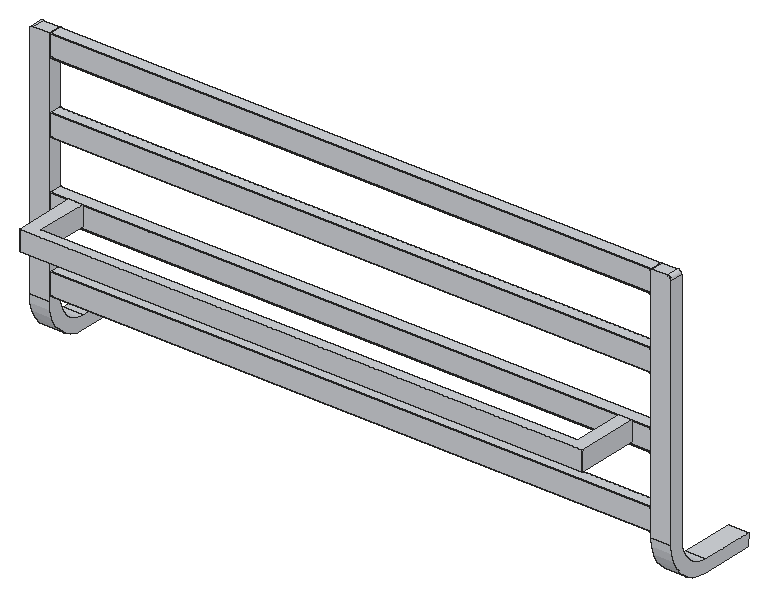
Revit family "Accessory-Towel_Bar-KOHLER-LOURE-K-11745T_1", category Specialty Equipment, host Face, Revit 2017
Family settings
  Host = Face
  Round Connector Dimension = Use Diameter
  Part Type = Normal
  OmniClass Number = 23.31.25.25
  OmniClass Title = Towel Bars
  Cut with Voids When Loaded = No
  Shared = No
  Room Calculation Point = No
Parameters (values of type "CP-Polished Chrome")
  Width = 24 1/64"  # constant formula
  WaterSense Certified = 1 = 0  # no
  URL = "http://www.kohler.com.cn/"
  Type = 1
  Product Page URL = "https://www.kohler.com.cn/product/K-11745T-CP/K-11745T-CP/"
  Product Name = "Loure"  # constant formula
  Product Documentation Link = "https://files.kohler.com.cn/pdfs/k_11745t_47t_11582t_84t.pdf"
  Model = if(Type = 1, "K-11745T-CP", if(Type = 2, "K-11745T-2BL", "NA"))  # "K-11745T-CP"
  Material = "Premium Metal Construction"  # constant formula
  Master Format 2014 Name = "Toilet, Bath, and Laundry Accessories"  # constant formula
  Master Format 2014 = "10 28 00"  # constant formula
  Manufacturer Address = "Kohler Beijing Office (100016) 36-2-03-B, No. 88, Liuxiang Road, Beijing"  # constant formula
  Manufacturer = "KOHLER Co."  # constant formula
  Length = 10 63/64"  # constant formula
  Height = 6 27/256"  # constant formula
  Finish = Kohler-Metal-CP-Polished_Chrome
  Environmental Product Declaration = ""
  Description = "24 inch double towel shelf"  # constant formula
  Default Elevation = 42"
  Declare Label = ""
  Date Modified = "05/27/2021"  # constant formula
  Date Created = "05/27/2021"  # constant formula
  Copyright = "Copyright KOHLER Co."  # constant formula
  Contact Us = "http://www.kohler.com.cn/contact/contact-us/"
  Assembly Code = "C1030200"
  ADA Compliant = 1 = 0  # no
Types (3): name | Type | Product Page URL | Model | Finish
  (no name) | 1 | "https://www.kohler.com.cn/product/K-11745T-CP/K-11745T-CP/" | "K-11745T-CP" | Kohler-Metal-CP-Polished_Chrome
  CP-Polished Chrome | 1 | "https://www.kohler.com.cn/product/K-11745T-CP/K-11745T-CP/" | "K-11745T-CP" | Kohler-Metal-CP-Polished_Chrome
  2BL-Original Black | 2 | "https://www.kohler.com.cn/product/K-11745T-CP/K-11745T-2BL/" | "K-11745T-2BL" | Kohler-Metal-2BL-Original_Black
Reference planes (in)
  plane 1 "Center (Front/Back)": y = 0
  plane 2: z = 0
  plane 3 "Center (Left/Right)": x = 0
  plane 4: y = 1.87008
  plane 5: y = -1.86676
  plane 6: x = -12.38189
  plane 7: x = -12.00787
  plane 8: x = -11.63386
  plane 9: x = 12.38189
  plane 10: x = 12.00775
  plane 11: x = 11.63386
  plane 12: z = 0.50689
  plane 13: z = 10.98437
  plane 14: y = -1.37795
  plane 15: x = -10.88681
  plane 16: y = -4.23539
  plane 17: x = 10.88681
Dimensions and locks (in)
  "Width": plane 7 to plane 10
  "Length": plane 13 to plane 2
  plane 5 to plane 16 = 2.36863"
  plane 15 to plane 17 = 21.77362"
  "Height": plane 16 to plane 4
  aligned and locked: host face to plane 2
  aligned and locked: host face to level
Automatic sketch dimensions
  host sketch curve to host sketch curve = 96"  (x2)
Nested families (in)
  nested 1: "K-11745T" at (0, -1.87008, 0), type "K-11745T"
Definition of nested family "K-11745T"
  Parameters (values of type "K-11745T")
    Material = none
  Reference planes (in)
    plane 1 "Center (Front/Back)": y = 0
    plane 2: z = 0
    plane 3 "Center (Left/Right)": x = 0
    plane 4: z = 10.98425
    plane 5: z = 0.50689
    plane 6: y = 3.74016
    plane 7: x = -12.38189
    plane 8: x = 12.38189
    plane 9: x = -12.00787
    plane 10: x = 12.00787
    plane 11: x = -11.63386
    plane 12: x = 11.63386
    plane 13: y = 0.49213
    plane 14: y = 1.87008
    plane 15: x = -10.88681
    plane 16: x = 10.88681
    plane 17: y = -2.36676
  Forms (in)
    Extrusion 1, solid, material <- "Material", detail levels medium+fine
      sketch origin (0, 0, 0) x (0, 1, 0) y (0, 0, 1)
        loop
          line (3.74016, 0) -> (3.74016, 0.50689) -> (1.67827, 0.50689)
          arc (1.67827, 0.50689) -> (0.8465, 0.85142) -> (0.50197, 1.6832) r 1.17631
          line (0.50197, 1.6832) -> (0.50197, 11.01181) -> (0, 11.01181) -> (0, 1.68845)
          arc (0, 1.68845) -> (0.49454, 0.49454) -> (1.68845, 0) r 1.68845
          line (1.68845, 0) -> (3.74016, 0)
      from 11.645 to 12.41272
    Extrusion 2, solid, material <- "Material", detail levels medium+fine
      sketch origin (0, 0, 0) x (0, 1, 0) y (0, 0, -1)
        loop
          line (3.74016, 0) -> (1.68845, 0)
          arc (1.68845, 0) -> (0.49454, -0.49454) -> (0, -1.68845) r 1.68845
          line (0, -1.68845) -> (0, -11.01181) -> (0.49213, -11.01181) -> (0.49213, -1.6832)
          arc (0.49213, -1.6832) -> (0.83666, -0.85142) -> (1.66843, -0.50689) r 1.17631
          line (1.66843, -0.50689) -> (3.74016, -0.50689) -> (3.74016, 0)
      from 11.645 to 12.41272
    Extrusion 3, solid, material <- "Material", detail levels medium+fine
      sketch origin (0, 0, 0) x (0, 1, 0) y (0, 0, 1)
        loop
          line (0.46063, 11.01181) -> (0.03937, 11.01181)
          arc (0.03937, 11.01181) -> (0.0171, 11.00259) -> (0.00787, 10.98031) r 0.0315
          line (0.00787, 10.98031) -> (0.00787, 10.17665)
          arc (0.00787, 10.17665) -> (0.0171, 10.15438) -> (0.03937, 10.14515) r 0.0315
          line (0.03937, 10.14515) -> (0.46063, 10.14515)
          arc (0.46063, 10.14515) -> (0.4829, 10.15438) -> (0.49213, 10.17665) r 0.0315
          line (0.49213, 10.17665) -> (0.49213, 10.98031)
          arc (0.49213, 10.98031) -> (0.4829, 11.00259) -> (0.46063, 11.01181) r 0.0315
        loop
          line (0.46063, 8.25591) -> (0.03937, 8.25591)
          arc (0.03937, 8.25591) -> (0.0171, 8.24668) -> (0.00787, 8.22441) r 0.0315
          line (0.00787, 8.22441) -> (0.00787, 7.42075)
          arc (0.00787, 7.42075) -> (0.0171, 7.39847) -> (0.03937, 7.38925) r 0.0315
          line (0.03937, 7.38925) -> (0.46063, 7.38925)
          arc (0.46063, 7.38925) -> (0.4829, 7.39847) -> (0.49213, 7.42075) r 0.0315
          line (0.49213, 7.42075) -> (0.49213, 8.22441)
          arc (0.49213, 8.22441) -> (0.4829, 8.24668) -> (0.46063, 8.25591) r 0.0315
        loop
          line (0.46063, 5.5) -> (0.03937, 5.5)
          arc (0.03937, 5.5) -> (0.0171, 5.49078) -> (0.00787, 5.4685) r 0.0315
          line (0.00787, 5.4685) -> (0.00787, 4.66484)
          arc (0.00787, 4.66484) -> (0.0171, 4.64257) -> (0.03937, 4.63334) r 0.0315
          line (0.03937, 4.63334) -> (0.46063, 4.63334)
          arc (0.46063, 4.63334) -> (0.4829, 4.64257) -> (0.49213, 4.66484) r 0.0315
          line (0.49213, 4.66484) -> (0.49213, 5.4685)
          arc (0.49213, 5.4685) -> (0.4829, 5.49078) -> (0.46063, 5.5) r 0.0315
        loop
          line (0.46063, 2.74409) -> (0.03937, 2.74409)
          arc (0.03937, 2.74409) -> (0.0171, 2.73487) -> (0.00787, 2.7126) r 0.0315
          line (0.00787, 2.7126) -> (0.00787, 1.90893)
          arc (0.00787, 1.90893) -> (0.0171, 1.88666) -> (0.03937, 1.87744) r 0.0315
          line (0.03937, 1.87744) -> (0.46063, 1.87744)
          arc (0.46063, 1.87744) -> (0.4829, 1.88666) -> (0.49213, 1.90893) r 0.0315
          line (0.49213, 1.90893) -> (0.49213, 2.7126)
          arc (0.49213, 2.7126) -> (0.4829, 2.73487) -> (0.46063, 2.74409) r 0.0315
      from -11.645 to 11.645
    Sweep 4, void
      path origin (0, 0, 0) x (0, 1, 0) y (0, 0, 1)
        loop
          line (0.50197, 11.01181) -> (0, 11.01181)
      profile origin (0, 0.25098, 11.01181) x (0, 0, -1) y (1, 0, 0)
        loop
          line (-0.06412, -12.52441) -> (0.37251, -12.52441) -> (0.37251, -12.41272) -> (0.14032, -12.41272)
          arc (0.14032, -12.41272) -> (0.0411, -12.37162) -> (0, -12.2724) r 0.14032
          line (0, -12.2724) -> (0, -12.04645) -> (-0.06412, -12.04645) -> (-0.06412, -12.52441)
        loop
          line (-0.06412, 12.52441) -> (-0.06412, 12.04645) -> (0, 12.04645) -> (0, 12.2724)
          arc (0, 12.2724) -> (0.0411, 12.37162) -> (0.14032, 12.41272) r 0.14032
          line (0.14032, 12.41272) -> (0.37251, 12.41272) -> (0.37251, 12.52441) -> (-0.06412, 12.52441)
    Extrusion 5, solid, material <- "Material", detail levels coarse
      sketch origin (0, 0, 0) x (0, 1, 0) y (0, 0, 1)
        loop
          line (3.74016, 0.50689) -> (0.49213, 0.50689) -> (0.49213, 10.98425) -> (0, 10.98425) -> (0, 0) -> (3.74016, 0) -> (3.74016, 0.50689)
      from -12.38189 to -11.63386
    Extrusion 6, solid, material <- "Material", detail levels coarse
      sketch origin (0, 0, 0) x (0, 1, 0) y (0, 0, -1)
        loop
          line (3.74016, -0.50689) -> (3.74016, 0) -> (0, 0) -> (0, -10.98425) -> (0.49213, -10.98425) -> (0.49213, -0.50689) -> (3.74016, -0.50689)
      from -12.38189 to -11.63386
    Extrusion 7, solid, material <- "Material", detail levels coarse
      sketch origin (0, 0, 0) x (0, 1, 0) y (0, 0, 1)
        loop
          line (0.49213, 2.74666) -> (0, 2.74666) -> (0, 1.87688) -> (0.49213, 1.87688) -> (0.49213, 2.74666)
        loop
          line (0.49213, 5.50312) -> (0, 5.50312) -> (0, 4.63334) -> (0.49213, 4.63334) -> (0.49213, 5.50312)
        loop
          line (0.49213, 8.25903) -> (0, 8.25903) -> (0, 7.38925) -> (0.49213, 7.38925) -> (0.49213, 8.25903)
        loop
          line (0.49213, 10.98425) -> (0, 10.98425) -> (0, 10.11448) -> (0.49213, 10.11448) -> (0.49213, 10.98425)
      from -11.63386 to 11.63386
    Extrusion 8, solid, material <- "Material", detail levels medium+fine
      sketch origin (0, 0, 0) x (1, 0, 0) y (0, 1, 0)
        loop
          line (-10.88681, 0.00888) -> (-10.88681, -2.34552)
          arc (-10.88681, -2.34552) -> (-10.88059, -2.36054) -> (-10.86558, -2.36676) r 0.02123
          line (-10.86558, -2.36676) -> (10.86725, -2.36676)
          arc (10.86725, -2.36676) -> (10.88108, -2.36103) -> (10.88681, -2.34719) r 0.01956
          line (10.88681, -2.34719) -> (10.88681, 0.00888) -> (10.37697, 0.00888) -> (10.37697, -1.97699) -> (-10.37566, -1.97699) -> (-10.37566, 0.00888) -> (-10.88681, 0.00888)
      from 4.74606 to 5.50984
    Extrusion 9, solid, material <- "Material", detail levels coarse
      sketch origin (0, 0, 0) x (1, 0, 0) y (0, 1, 0)
        loop
          line (-10.88681, 0.01242) -> (-10.88681, -2.44443) -> (10.96358, -2.44443) -> (10.96358, 0.01242) -> (10.26884, 0.01242) -> (10.26884, -1.9685) -> (-10.2036, -1.9685) -> (-10.2036, 0.01242) -> (-10.88681, 0.01242)
      from 4.63334 to 5.50312
  Cuts and joins
    Sweep 4 cuts Extrusion 1
    Sweep 4 cuts Extrusion 2
    joined: Extrusion 1, Extrusion 2
    joined: Extrusion 5, Extrusion 6, Extrusion 7
    Sweep 4 cuts Extrusion 3
  Lines and regions (in)
    Masking region 1
      outline origin (0, 0, 0) x (1, 0, 0) y (0, 0, 1)
        loop
          line (12.38189, 0) -> (12.38189, 10.84445)
          arc (12.38189, 10.84445) -> (12.34094, 10.9433) -> (12.24209, 10.98425) r 0.1398
          line (12.24209, 10.98425) -> (-12.24209, 10.98425)
          arc (-12.24209, 10.98425) -> (-12.34094, 10.9433) -> (-12.38189, 10.84445) r 0.1398
          line (-12.38189, 10.84445) -> (-12.38189, 0) -> (-11.63386, 0) -> (-11.63386, 1.87744) -> (11.63386, 1.87744) -> (11.63386, 0) -> (12.38189, 0)
        loop
          line (11.63386, 8.25591) -> (11.63386, 10.14515) -> (-11.63386, 10.14515) -> (-11.63386, 8.25591) -> (11.63386, 8.25591)
        loop
          line (-11.63386, 7.38925) -> (-11.63386, 5.5) -> (11.63386, 5.5) -> (11.63386, 7.38925) -> (-11.63386, 7.38925)
        loop
          line (-11.63386, 4.63334) -> (-11.63386, 2.74409) -> (11.63386, 2.74409) -> (11.63386, 4.63334) -> (-11.63386, 4.63334)
    Masking region 2
      outline origin (0, 0, 0) x (1, 0, 0) y (0, 1, 0)
        loop
          line (-12.38189, 0) -> (-10.88681, 0) -> (-10.88681, -2.34584)
          arc (-10.88681, -2.34584) -> (-10.88069, -2.36063) -> (-10.8659, -2.36676) r 0.02091
          line (-10.8659, -2.36676) -> (10.86659, -2.36676)
          arc (10.86659, -2.36676) -> (10.88089, -2.36083) -> (10.88681, -2.34654) r 0.02022
          line (10.88681, -2.34654) -> (10.88681, 0) -> (12.38189, 0) -> (12.38189, 3.74016) -> (11.63386, 3.74016) -> (11.63386, 0.49213) -> (-11.63386, 0.49213) -> (-11.63386, 3.74016) -> (-12.38189, 3.74016) -> (-12.38189, 0)
        loop
          line (-10.37566, -1.97699) -> (10.37697, -1.97699) -> (10.37697, 0) -> (-10.37566, 0) -> (-10.37566, -1.97699)
    Masking region 3
      outline origin (0, 0, 0) x (0, 1, 0) y (0, 0, 1)
        loop
          line (0.49213, 10.98425) -> (0, 10.98425) -> (0, 5.50984) -> (-2.36676, 5.50984) -> (-2.36676, 4.74606) -> (0, 4.74606) -> (0, 1.69052)
          arc (0, 1.69052) -> (0.49514, 0.49514) -> (1.69052, 0) r 1.69052
          line (1.69052, 0) -> (3.74016, 0) -> (3.74016, 0.50689) -> (1.67, 0.50689)
          arc (1.67, 0.50689) -> (0.83712, 0.85188) -> (0.49213, 1.68476) r 1.17787
          line (0.49213, 1.68476) -> (0.49213, 10.98425)
    symbolic lines, detail levels medium+fine
      curve 1: line (11.63386, 0, 8.25591) -> (11.63386, 0, 7.38925)
      curve 2: line (11.63386, 0, 5.5) -> (11.63386, 0, 4.63334)
      curve 3: line (11.63386, 0, 2.74409) -> (11.63386, 0, 1.87744)
      curve 4: line (-11.63386, 0, 8.25591) -> (-11.63386, 0, 7.38925)
      curve 5: line (-11.63386, 0, 5.5) -> (-11.63386, 0, 4.63334)
      curve 6: line (-11.63386, 0, 2.74409) -> (-11.63386, 0, 1.87744)
      curve 7: line (11.63386, 0, 10.98425) -> (11.63386, 0, 10.14515)
      curve 8: line (-11.63386, 0, 10.98425) -> (-11.63386, 0, 10.14515)
      curve 9: line (12.38189, 0, 0.50689) -> (11.63386, 0, 0.50689)
      curve 10: line (-12.38189, 0, 0.50689) -> (-11.63386, 0, 0.50689)
      curve 11: line (-12.38189, 0.49213, 0) -> (-11.63386, 0.49213, 0)
      curve 12: line (11.63386, 0.49213, 0) -> (12.37976, 0.49213, 0)
      curve 13: line (-11.63386, 0, 0) -> (-11.63386, 0.49213, 0)
      curve 14: line (11.63386, 0, 0) -> (11.63386, 0.49213, 0)
      curve 15: line (-12.38189, 0, 0) -> (12.38189, 0, 0)
      curve 16: line (0, 0, 5.50984) -> (0, 0, 4.74606)
  Dimensions and locks (in)
    locked: plane 4 to level at 10.98425
    level to plane 4 = 10.98425"
    plane 4 to level = 10.98425"
    locked: plane 1 "Center (Front/Back)" to plane 6 at 3.74016
    locked: plane 7 to plane 8 at 24.76378
    locked: plane 6 to plane 14 at 1.87008
    plane 7 to plane 8 = 24.76378"  (x2)
    plane 9 to plane 10 = 24.01575"
    plane 15 to plane 16 = 21.77362"
    plane 17 to plane 1 "Center (Front/Back)" = 2.36676"
    aligned and locked: plane 2 to level
    aligned and locked: Masking region 1 sketch curve to Masking region 1 sketch curve
